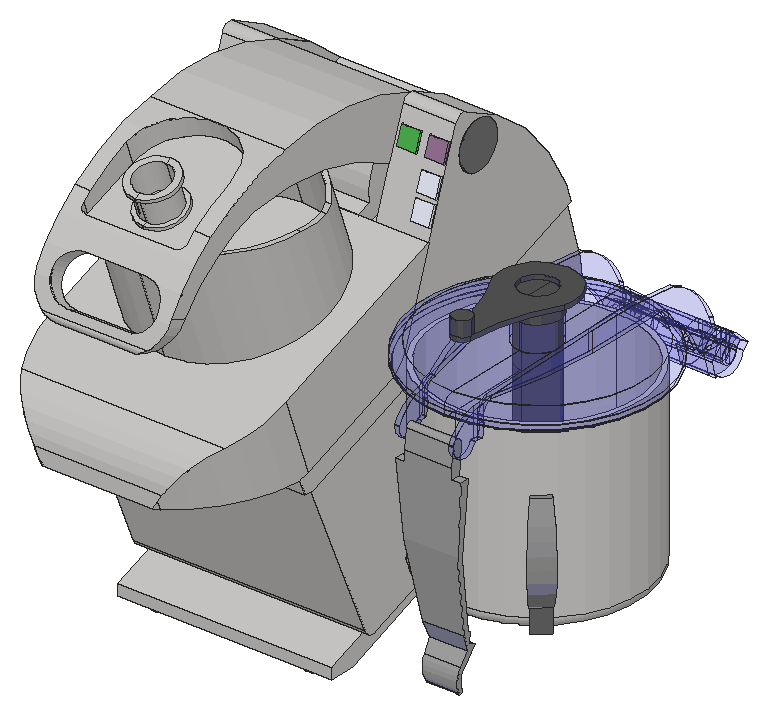
Revit family "QF_DITOSAMA_600433_DTRK45YG", category Specialty Equipment, Revit 2018
Family settings
  Round Connector Dimension = Use Diameter
  Part Type = Normal
  Work Plane-Based = No
  Always vertical = Yes
  Cut with Voids When Loaded = No
  Shared = No
  Room Calculation Point = No
Parameters (values of type "QF_DITO SAMA_600433_DTRK45YG")
  Weight = 27.40 kg
  Watts = 0 W
  Volts = 200 V
  URL Manufacturer = "http://www.ditosama.com"
  URL = "http://www.ditosama.com"
  Steam Supply Size = 0 mm
  Steam Supply Minimum Pressure = 0.0 Pa
  Steam Supply Maximum Pressure = 0.0 Pa
  Steam Pounds per Hour = 0
  Refrigeration Suction Line Size = 0 mm
  Refrigeration Liquid Line Size = 0 mm
  Refrigerant Compressor Remote = yes
  Manufacturer = "Dito Sama"
  Phase = 1
  Model = "DTRK45YG"
  Length Actual = 252 mm  # constant formula
  Item Number = "600433"
  Hot Water Size = 0 mm
  Height Actual = 505 mm  # constant formula
  HP = "1.3 HP"
  Gas Size = 0 mm
  Gas KW = 0
  Gas Input Pressure = 0 W
  Direct Waste Size = 0 mm
  Description = "CUTTER/SLICER 4.5L VARIAB.SPEED-1000W-200-240/1/50-60-UK"
  Depth Actual = 485 mm  # constant formula
  Cycle = 60 Hz
  Condensate Return Size = 0 mm
  Compressed Air Volume = 0.0 L/s
  Compressed Air Size = 0 mm
  Compressed Air Pressure = 0.0 Pa
  Cold Water Size = 0 mm
  Accessory = yes
Reference planes
  plane 1 "Center (Front/Back)": y = 0
  plane 2: z = 0
  plane 3 "Center (Left/Right)": x = 0
  plane 4 "BASE": through (-1506.947, -1354.442, -482.669) normal (0, -0.342, 0.9397)
  plane 5 "TOP": z = 725
  plane 6 "FRONT": y = -250
  plane 7 "BACK": y = 250
  plane 8 "LEFT": x = -126
  plane 9 "RIGHT": x = 126
  plane 10 "BaseSup": through (4267.2, -355.454, 143.983) normal (0, -0.342, 0.9397)
  plane 11 "TopCylinder": z = 505
  plane 12 "panel": through (4267.2, 37.396, 376.789) normal (0, -0.9397, 0.342)
  plane 13 "TAN1": through (4267.2, -242.8, 386.84) normal (0, -0.868, 0.4965)
  plane 14 "cx": x = -4.392
  plane 15: z = 490
  plane 16: z = 685
  plane 17 "EI_1": z = 320
  plane 18: z = 224
  plane 19 "SupportOblique": through (4267.2, 163.975, 96.815) normal (0, 0.809, 0.5878)
  plane 20 "CX2": x = 350
Forms (mm)
  Extrusion 1, solid, material "QF_Finishes_Stainless Steel"
    sketch origin (0, 71.755, 29.173) x (0, 0.939693, 0.34202) y (0, -0.34202, 0.939693)
      loop
        line (196.964, 40) -> (-146.726, 40) -> (-150.519, 29.578) -> (-124.204, 20) -> (196.964, 20) -> (196.964, 40)
    from -114.1 to 114.1
  Extrusion 2, solid, material "QF_Finishes_Stainless Steel"
    sketch origin (0, 71.755, 29.173) x (0, 0.939693, 0.34202) y (0, -0.34202, 0.939693)
      loop
        arc (-117.754, 231.836) -> (-115.679, 141.222) -> (-107.501, 50.953) r 1344.145
        arc (-107.501, 50.953) -> (-103.371, 43.13) -> (-95.098, 40) r 12.5
        line (-95.098, 40) -> (191.415, 40)
        arc (191.415, 40) -> (200.799, 44.052) -> (207.001, 52.177) r 20.212
        arc (207.001, 52.177) -> (236.663, 139.796) -> (245.906, 231.836) r 409.593
        line (245.906, 231.836) -> (-117.754, 231.836)
    from -123.6 to 123.2
  Extrusion 3, solid, material "QF_Finishes_Stainless Steel"
    sketch origin (0, 71.755, 29.173) x (0, 0.939693, 0.34202) y (0, -0.34202, 0.939693)
      loop
        line (-117.754, 231.836) -> (250, 231.836) -> (250, 254)
        arc (250, 254) -> (225.127, 344.7) -> (167.861, 419.303) r 244.524
        arc (167.861, 419.303) -> (160.498, 421.774) -> (153.587, 418.23) r 10
        line (153.587, 418.23) -> (25.432, 265.5)
        arc (25.432, 265.5) -> (14.376, 257.016) -> (0.77, 254) r 32.194
        line (0.77, 254) -> (-128.224, 254) -> (-128.224, 236.946) -> (-117.754, 231.836)
    from -125 to 125
  Extrusion 4, void
    sketch origin (0, 71.755, 29.173) x (0, 0.939693, 0.34202) y (0, -0.34202, 0.939693)
      loop
        line (146.605, 338.403) -> (228.145, 338.403)
        arc (228.145, 338.403) -> (202.221, 381.996) -> (167.861, 419.303) r 244.524
        arc (167.861, 419.303) -> (160.498, 421.774) -> (153.587, 418.23) r 10
        line (153.587, 418.23) -> (72.34, 321.403) -> (146.605, 321.403) -> (146.605, 338.403)
    from -76.755 to 68.071
  Extrusion 5, solid, material "QF_Finishes_Stainless Steel"
    sketch origin (0, 71.755, 29.173) x (0, 0.939693, 0.34202) y (0, -0.34202, 0.939693)
      loop
        line (86.605, 338.403) -> (69.605, 321.403) -> (146.605, 321.403) -> (146.605, 338.403) -> (138.179, 338.403) -> (138.179, 369.367)
        arc (138.179, 369.367) -> (147.784, 373.474) -> (158.149, 372.174) r 19.987
        arc (158.149, 372.174) -> (156.791, 382.001) -> (162.888, 389.826) r 12.748
        arc (162.888, 389.826) -> (123.302, 374.774) -> (101.605, 338.403) r 64.447
        line (101.605, 338.403) -> (86.605, 338.403)
    from -65 to 50
  Extrusion 6, solid, material "QF_Finishes_Stainless Steel"
    sketch origin (539, 71.755, 29.173) x (0, -0.939693, -0.34202) y (0, -0.34202, 0.939693)
      loop
        circle (-169.102, 378.696) r 12.748
    from 489 to 604
  Extrusion 7, solid, material "QF_Finishes_Rubber Black"
    sketch origin (0, 71.755, 29.173) x (0, 0.939693, 0.34202) y (0, -0.34202, 0.939693)
      loop
        circle (169.102, 378.696) r 25
    from 125 to 126.6
  Extrusion 8, solid, material "QF_Finishes_Green"
    sketch origin (-10, -113.728, -38.42) x (0, -0.34202, -0.939693) y (1, 0, 0)
      loop
        line (-529.862, 82.865) -> (-509.862, 82.865) -> (-509.862, 102.865) -> (-529.862, 102.865) -> (-529.862, 82.865)
    from 0 to 1.6
  Extrusion 9, solid, material "QF_Finishes_Red"
    sketch origin (20, -113.728, -38.42) x (0, -0.34202, -0.939693) y (1, 0, 0)
      loop
        line (-529.862, 82.865) -> (-509.862, 82.865) -> (-509.862, 102.865) -> (-529.862, 102.865) -> (-529.862, 82.865)
    from 0 to 1.6
  Extrusion 10, solid, material "QF_Finishes_White"
    sketch origin (19.976, -149.421, -75.636) x (0, -0.34202, -0.939693) y (1, 0, 0)
      loop
        line (-521.192, 82.865) -> (-501.192, 82.865) -> (-501.192, 102.865) -> (-521.192, 102.865) -> (-521.192, 82.865)
    from 0 to 1.6
  Extrusion 11, solid, material "QF_Finishes_Rubber Black"
    sketch origin (-20, -293.925, 99.376) x (0, -1, 0) y (1, 0, 0)
      loop
        circle (-230.144, 103.748) r 10
      loop
        circle (-230.144, -61.252) r 10
    from 9.274 to 3.787
  Extrusion 12, void
    sketch origin (-20.94, 306.731, 139.428) x (-1, 0, 0) y (0, -0.34202, 0.939693)
      loop
        circle (-20.94, 196.093) r 10
    from -1.916 to -26.433
  Extrusion 13, solid, material "QF_Finishes_Stainless Steel"
    sketch origin (-20.94, 306.678, 139.573) x (-1, 0, 0) y (0, -0.34202, 0.939693)
      loop
        circle (-20.94, 195.939) r 9.999
    from -8.514 to -26.433
  Extrusion 14, solid, material "QF_Finishes_Stainless Steel"
    sketch origin (0, -15.119, 267.855) x (0, -0.939693, -0.34202) y (1, 0, 0)
      loop
        line (-86.605, -125) -> (117.754, -125)
        arc (117.754, -125) -> (182.577, -108.838) -> (232.224, -64.135) r 138.076
        arc (232.224, -64.135) -> (246.337, -33.516) -> (250, 0) r 104.824
        arc (250, 0) -> (246.337, 33.516) -> (232.224, 64.135) r 104.824
        arc (232.224, 64.135) -> (182.577, 108.838) -> (117.754, 125) r 138.076
        line (117.754, 125) -> (-86.605, 125) -> (-86.605, -125)
    from 0 to 84.403
  Extrusion 15, void
    sketch origin (0, 71.755, 29.173) x (0, 0.939693, 0.34202) y (0, -0.34202, 0.939693)
      loop
        line (-183.149, 338.403) -> (-263.395, 338.403) -> (-263.395, 254) -> (-128.224, 254) -> (-235.716, 293.124) -> (-229.509, 307.133)
        arc (-229.509, 307.133) -> (-211.109, 329.855) -> (-183.149, 338.403) r 50
      loop
        line (86.605, 338.403) -> (25.432, 265.5)
        arc (25.432, 265.5) -> (14.376, 257.016) -> (0.77, 254) r 32.194
        line (0.77, 254) -> (86.605, 254) -> (86.605, 338.403)
    from -156.555 to 144.79
  Extrusion 16, solid, material "QF_Finishes_Rubber Black"
    sketch origin (-20, -255.757, 37.007) x (0, -0.939693, -0.34202) y (1, 0, 0)
      loop
        circle (-230.144, 103.748) r 10
      loop
        circle (-230.144, -61.252) r 10
    from -1.968 to 3.787
  Extrusion 17, solid, material "QF_Finishes_Stainless Steel"
    sketch origin (0, 0, 0) x (0, 1, 0) y (0, 0, 1)
      loop
        arc (-237.987, 360.286) -> (-193.334, 422.101) -> (-125.907, 457.716) r 167.502
        arc (-125.907, 457.716) -> (-32.614, 457.202) -> (54.785, 424.565) r 266.494
        line (54.785, 424.565) -> (73.036, 474.711)
        arc (73.036, 474.711) -> (77.269, 479.853) -> (83.792, 481.198) r 10
        arc (83.792, 481.198) -> (1.801, 503.572) -> (-83.051, 498.734) r 263.981
        arc (-83.051, 498.734) -> (-135.605, 484.534) -> (-183.511, 458.675) r 236.13
        arc (-183.511, 458.675) -> (-222.818, 420.732) -> (-248.457, 372.49) r 174.407
        arc (-248.457, 372.49) -> (-249.83, 368.135) -> (-247.05, 364.513) r 4.945
        line (-247.05, 364.513) -> (-237.987, 360.286)
    from -76.755 to 68.071
  Extrusion 18, void
    sketch origin (0, -252.846, 369.279) x (0, -0.496521, -0.868025) y (1, 0, 0)
      loop
        line (-13.723, -36.755) -> (-13.723, 28.071)
        arc (-13.723, 28.071) -> (-38.723, 53.071) -> (-63.723, 28.071) r 25
        line (-63.723, 28.071) -> (-63.723, -36.755)
        arc (-63.723, -36.755) -> (-38.723, -61.755) -> (-13.723, -36.755) r 25
    from -148.493 to 7.125
  Extrusion 19, void
    sketch origin (0, -88.076, 32.057) x (0, -0.34202, -0.939693) y (1, 0, 0)
      loop
        line (-257.162, 68.071) -> (-297.162, 68.071)
        arc (-297.162, 68.071) -> (-268.878, 56.356) -> (-257.162, 28.071) r 40
        line (-257.162, 28.071) -> (-257.162, 68.071)
      loop
        line (-257.162, -76.755) -> (-257.162, -36.755)
        arc (-257.162, -36.755) -> (-268.878, -65.039) -> (-297.162, -76.755) r 40
        line (-297.162, -76.755) -> (-257.162, -76.755)
    from 233.374 to 280.473
  Extrusion 20, void
    sketch origin (0, -73.76, 246.511) x (0, -0.939693, -0.34202) y (1, 0, 0)
      loop
        spline (50.415, 43.499) -> (50.302, 44.538) -> (50.07, 45.551) -> (49.722, 46.523) -> (49.265, 47.436) -> (48.705, 48.278) -> (48.053, 49.034) -> (47.317, 49.692) -> (46.511, 50.241) -> (45.647, 50.674) -> (44.738, 50.981) -> (43.801, 51.16) -> (42.848, 51.221)
        line (42.848, 51.221) -> (-21.826, 51.221)
        arc (-21.826, 51.221) -> (-77.476, -4.429) -> (-21.826, -60.078) r 55.65
        line (-21.826, -60.078) -> (42.849, -60.064)
        spline (42.849, -60.064) -> (43.796, -60.017) -> (44.73, -59.836) -> (45.637, -59.525) -> (46.5, -59.088) -> (47.306, -58.532) -> (48.042, -57.867) -> (48.695, -57.103) -> (49.256, -56.253) -> (49.715, -55.331) -> (50.065, -54.351) -> (50.3, -53.329) -> (50.415, -52.283)
        line (50.415, -52.283) -> (50.415, 43.499)
    from 219.928 to 259.975
  Extrusion 21, void
    sketch origin (0, -87.856, 241.381) x (0, -0.939693, -0.34202) y (1, 0, 0)
      loop
        circle (-4.976, -4.429) r 22.5
    from 184.171 to 259.975
  Extrusion 22, solid, material "QF_Finishes_Stainless Steel"
    sketch origin (0, -57.13, 252.564) x (0, -0.939693, -0.34202) y (1, 0, 0)
      loop
        circle (-27.476, -4.429) r 100
      loop
        circle (-27.476, -4.429) r 95
    from 84.403 to 219.928
  Extrusion 23, void
    sketch origin (539, 0, 0) x (0, -1, 0) y (0, 0, 1)
      loop
        line (-7.229, 448.453) -> (38.883, 431.669) -> (53.883, 431.669) -> (97.232, 435.738) -> (172.232, 435.738) -> (200.5, 434.424) -> (12.562, 502.828) -> (-7.229, 448.453)
    from 424.9 to 664
  Revolve 24, solid, material "QF_Finishes_Stainless Steel"
    sketch origin (-4.392, 0, 0) x (0, 1, 0) y (0, 0, 1)
      loop
        line (-159.523, 452.833) -> (-177.266, 446.376) -> (-188.766, 477.973) -> (-195.199, 475.631) -> (-193.959, 472.225) -> (-189.261, 473.935) -> (-179, 445.744) -> (-183.698, 444.034) -> (-182.575, 440.948) -> (-179.543, 442.052) -> (-133.191, 314.7) -> (-112.048, 322.396) -> (-159.523, 452.833)
      axis (-112.048, 322.396) -> (-171.023, 484.431)
    angle from 0 to 360
  Extrusion 25, solid, material "QF_Door-Drawer Clearances", detail levels coarse
    sketch origin (0, -262.072, 735.095) x (0, -0.581279, -0.813704) y (0, 0.813704, -0.581279)
      loop
        arc (-237.987, 360.286) -> (-193.334, 422.101) -> (-125.907, 457.716) r 167.502
        arc (-125.907, 457.716) -> (-61.925, 460.915) -> (0.971, 448.753) r 266.494
        arc (0.971, 448.753) -> (-2.208, 475.472) -> (-2.432, 502.379) r 244.524
        arc (-2.432, 502.379) -> (-31.549, 503.211) -> (-60.594, 500.999) r 278.64
        arc (-60.594, 500.999) -> (-125.023, 488.463) -> (-183.511, 458.675) r 236.13
        arc (-183.511, 458.675) -> (-222.818, 420.732) -> (-248.457, 372.49) r 174.407
        arc (-248.457, 372.49) -> (-249.83, 368.135) -> (-247.05, 364.513) r 4.945
        line (-247.05, 364.513) -> (-237.987, 360.286)
    from -76.755 to 68.071
  Extrusion 26, solid, material "QF_Door-Drawer Clearances", detail levels coarse
    sketch origin (-4.392, 0, -55) x (0, 1, 0) y (0, 0, 1)
      loop
        arc (180.062, 780.324) -> (-149.234, 694.151) -> (-249.905, 368.994) r 350.321
        line (-249.905, 368.994) -> (-246.546, 377.767)
        arc (-246.546, 377.767) -> (-144.345, 691.9) -> (174.993, 776.44) r 345.321
        line (174.993, 776.44) -> (180.062, 780.324)
    from -60 to 60
  Extrusion 27, solid, material "QF_Finishes_Rubber Black"
    sketch origin (-20, -20.834, 122.512) x (0, -0.939693, -0.34202) y (1, 0, 0)
      loop
        circle (-230.144, 103.748) r 10
      loop
        circle (-230.144, -61.252) r 10
    from -1.968 to 3.787
  Extrusion 28, void
    sketch origin (-4.392, 0, 0) x (0, 1, 0) y (0, 0, 1)
      loop
        circle (163.975, 96.815) r 5.399
    from -121.608 to 130.392
  Sweep 29, solid, material "QF_Finishes_Stainless Steel"
    path origin (0, 153.361, 111.423) x (0, -0.587785, 0.809017) y (1, 0, 0)
      loop
        line (-133.401, 56) -> (-133.401, 112.5)
        arc (-133.401, 112.5) -> (-130.472, 119.571) -> (-123.401, 122.5) r 10
        line (-123.401, 122.5) -> (-28.058, 122.5)
        arc (-28.058, 122.5) -> (-20.987, 119.571) -> (-18.058, 112.5) r 10
        line (-18.058, 112.5) -> (-18.058, -112.5)
        arc (-18.058, -112.5) -> (-20.987, -119.571) -> (-28.058, -122.5) r 10
        line (-28.058, -122.5) -> (-123.401, -122.5)
        arc (-123.401, -122.5) -> (-130.472, -119.571) -> (-133.401, -112.5) r 10
        line (-133.401, -112.5) -> (-133.401, -56)
    profile origin (84.25, 231.772, 3.5) x (0, 0.587785, -0.809017) y (0, 0.809017, 0.587785)
      loop
        circle (0, 0) r 3.5
  Extrusion 30, void
    sketch origin (-4.392, 0, 0) x (0, 1, 0) y (0, 0, 1)
      loop
        line (50.281, 42.641) -> (71.708, 50.44) -> (64.376, 57.771) -> (50.281, 52.641) -> (50.281, 42.641)
    from -119.208 to -51.608
  Extrusion 31, void
    sketch origin (4.392, 0, 0) x (0, 1, 0) y (0, 0, -1)
      loop
        line (50.281, -42.641) -> (50.281, -52.641) -> (64.376, -57.771) -> (71.708, -50.44) -> (50.281, -42.641)
    from -119.208 to -51.608
  Extrusion 32, solid, material "QF_Door-Drawer Clearances", detail levels coarse
    sketch origin (350, -160.4, -17.118) x (0, -0.34202, -0.939693) y (0, -0.939693, 0.34202)
      loop
        line (-206.754, 118.191) -> (-331.133, -223.538)
        arc (-331.133, -223.538) -> (-241.482, -246.331) -> (-149.003, -248.426) r 409.593
        arc (-149.003, -248.426) -> (-139.246, -245.378) -> (-132.229, -237.945) r 20.212
        line (-132.229, -237.945) -> (-34.236, 31.289)
        arc (-34.236, 31.289) -> (-34.347, 40.134) -> (-40.286, 46.691) r 12.5
        arc (-40.286, 46.691) -> (-122.314, 85.249) -> (-206.754, 118.191) r 1344.145
    from -123.6 to 123.2
  Extrusion 33, solid, material "QF_Door-Drawer Clearances", detail levels coarse
    sketch origin (350, -160.4, -17.118) x (0, -0.34202, -0.939693) y (0, -0.939693, 0.34202)
      loop
        line (-134.127, -243.16) -> (-115.333, -250) -> (-5.487, 51.799) -> (-5.487, 79.803) -> (-16.578, 79.803) -> (-134.127, -243.16)
    from -114.1 to 114.1
  Extrusion 34, solid, material "QF_Door-Drawer Clearances", detail levels coarse
    sketch origin (330, -388.076, 105.131) x (0, -1, 0) y (1, 0, 0)
      loop
        circle (-230.144, 103.748) r 10
      loop
        circle (-230.144, -61.252) r 10
    from -1.968 to 3.787
  Extrusion 35, solid, material "QF_Door-Drawer Clearances", detail levels coarse
    sketch origin (330, -138.076, 105.131) x (0, -1, 0) y (1, 0, 0)
      loop
        circle (-230.144, 103.748) r 10
      loop
        circle (-230.144, -61.252) r 10
    from -1.968 to 3.787
  Extrusion 36, solid, material "QF_Door-Drawer Clearances", detail levels coarse
    sketch origin (0, 250, 0) x (-1, 0, 0) y (0, 0, 1)
      loop
        circle (-350, 200) r 10
    from -89.12 to -78.665
  Extrusion 37, solid, material "QF_Finishes_White"
    sketch origin (19.976, -140.87, -52.143) x (0, -0.34202, -0.939693) y (1, 0, 0)
      loop
        line (-521.192, 82.865) -> (-501.192, 82.865) -> (-501.192, 102.865) -> (-521.192, 102.865) -> (-521.192, 82.865)
    from 0 to 1.6
Cuts and joins
  Extrusion 4, Extrusion 19, Extrusion 20, Extrusion 21 cuts Extrusion 3
  Extrusion 15, Extrusion 19, Extrusion 20, Extrusion 21 cuts Extrusion 14
  Extrusion 18, Extrusion 19, Extrusion 20, Extrusion 21 cuts Extrusion 17
  Extrusion 12, Extrusion 20, Extrusion 21 cuts Extrusion 2
  Extrusion 23 cuts Extrusion 22
  Extrusion 28, Extrusion 30, Extrusion 31 cuts Extrusion 1
Lines and regions (mm)
  symbolic lines
    curve 1: line (-76.755, 170.4, 0) -> (-76.755, -235.217, 0)
    curve 2: line (68.071, -235.135, 0) -> (68.071, 170.4, 0)
    curve 3: line (-76.755, 83.792, 0) -> (68.071, 83.792, 0)
    curve 4: line (-76.755, 170.4, 0) -> (68.071, 170.4, 0)
    curve 5: line (68.071, -83.051, 0) -> (-76.755, -83.051, 0)
    curve 6: line (-60.078, -136.967, 0) -> (51.221, -136.967, 0)
    curve 7: line (-60.078, -128.47, 0) -> (-60.078, -194.06, 0)
    curve 8: line (51.221, -193.76, 0) -> (51.221, -128.47, 0)
    curve 9: spline (-52.282, -199.891, 0) -> (-53.276, -199.815, 0) -> (-54.25, -199.647, 0) -> (-55.19, -199.39, 0) -> (-56.081, -199.046, 0) -> (-56.909, -198.622, 0) -> (-57.663, -198.124, 0) -> (-58.331, -197.559, 0) -> (-58.902, -196.936, 0) -> (-59.369, -196.264, 0) -> (-59.724, -195.553, 0) -> (-59.961, -194.815, 0) -> (-60.078, -194.06, 0)
    curve 10: line (43.499, -199.901, 0) -> (-52.283, -199.901, 0)
    curve 11: spline (51.218, -193.76, 0) -> (51.156, -194.554, 0) -> (50.964, -195.333, 0) -> (50.645, -196.085, 0) -> (50.204, -196.798, 0) -> (49.648, -197.459, 0) -> (48.986, -198.058, 0) -> (48.229, -198.586, 0) -> (47.39, -199.033, 0) -> (46.483, -199.392, 0) -> (45.521, -199.658, 0) -> (44.521, -199.826, 0) -> (43.499, -199.893, 0)
    curve 12: spline (-4.392, -146.848, 0) -> (-11.05, -147.672, 0) -> (-17.255, -150.087, 0) -> (-22.583, -153.929, 0) -> (-26.672, -158.936, 0) -> (-29.242, -164.766, 0) -> (-30.119, -171.023, 0) -> (-29.242, -177.28, 0) -> (-26.672, -183.111, 0) -> (-22.583, -188.118, 0) -> (-17.255, -191.96, 0) -> (-11.05, -194.375, 0) -> (-4.392, -195.199, 0)
    curve 13: spline (-4.392, -195.199, 0) -> (2.267, -194.375, 0) -> (8.472, -191.96, 0) -> (13.8, -188.118, 0) -> (17.888, -183.111, 0) -> (20.459, -177.28, 0) -> (21.335, -171.023, 0) -> (20.459, -164.766, 0) -> (17.888, -158.936, 0) -> (13.8, -153.929, 0) -> (8.472, -150.087, 0) -> (2.267, -147.672, 0) -> (-4.392, -146.848, 0)
    curve 14: spline (-4.392, -188.766, 0) -> (-9.279, -188.162, 0) -> (-13.832, -186.389, 0) -> (-17.743, -183.569, 0) -> (-20.744, -179.895, 0) -> (-22.63, -175.616, 0) -> (-23.273, -171.023, 0) -> (-22.63, -166.431, 0) -> (-20.744, -162.152, 0) -> (-17.743, -158.477, 0) -> (-13.832, -155.658, 0) -> (-9.279, -153.885, 0) -> (-4.392, -153.281, 0)
    curve 15: spline (-4.392, -153.281, 0) -> (0.495, -153.885, 0) -> (5.049, -155.658, 0) -> (8.96, -158.477, 0) -> (11.96, -162.152, 0) -> (13.846, -166.431, 0) -> (14.49, -171.023, 0) -> (13.846, -175.616, 0) -> (11.96, -179.895, 0) -> (8.96, -183.569, 0) -> (5.049, -186.389, 0) -> (0.495, -188.162, 0) -> (-4.392, -188.766, 0)
    curve 16: spline (-22.254, -165.273, 0) -> (-20.617, -168.597, 0) -> (-18.289, -171.534, 0) -> (-15.368, -173.96, 0) -> (-11.98, -175.77, 0) -> (-8.268, -176.888, 0) -> (-4.392, -177.266, 0) -> (-0.515, -176.888, 0) -> (3.197, -175.77, 0) -> (6.585, -173.96, 0) -> (9.505, -171.534, 0) -> (11.834, -168.597, 0) -> (13.471, -165.273, 0)
    curve 17: spline (21.106, -162.743, 0) -> (21.02, -155.749, 0) -> (18.807, -149.071, 0) -> (14.651, -143.268, 0) -> (8.902, -138.825, 0) -> (2.04, -136.115, 0) -> (-5.361, -135.365, 0) -> (-12.68, -136.637, 0) -> (-19.306, -139.824, 0) -> (-24.683, -144.661, 0) -> (-28.361, -150.742, 0) -> (-30.034, -157.558, 0) -> (-29.559, -164.538, 0)
    curve 18: spline (15.591, -154.349, 0) -> (13.851, -150.277, 0) -> (11.185, -146.674, 0) -> (7.729, -143.723, 0) -> (3.657, -141.574, 0) -> (-0.824, -140.337, 0) -> (-5.485, -140.073, 0) -> (-10.091, -140.797, 0) -> (-14.408, -142.471, 0) -> (-18.216, -145.011, 0) -> (-21.322, -148.287, 0) -> (-23.569, -152.134, 0) -> (-24.843, -156.356, 0)
    curve 19: line (-36.755, -245.358, 0) -> (-36.755, -220.255, 0)
    curve 20: line (28.071, -220.255, 0) -> (28.071, -245.358, 0)
    curve 21: line (-36.755, -220.255, 0) -> (28.071, -220.255, 0)
    curve 22: line (-36.755, -231.961, 0) -> (28.071, -231.961, 0)
    curve 23: line (28.071, -245.358, 0) -> (-36.755, -245.358, 0)
    curve 24: arc (-36.755, -231.961, 0) -> (-47.346, -230.66, 0) -> (-57.309, -226.836, 0) r 43.78
    curve 25: arc (28.071, -231.961, 0) -> (38.611, -230.648, 0) -> (48.525, -226.836, 0) r 43.78
    curve 26: line (108.532, -216.09, 0) -> (68.016, -248.959, 0)
    curve 27: spline (108.532, -216.09, 0) -> (111.117, -211.341, 0) -> (113.492, -206.496, 0) -> (115.654, -201.564, 0) -> (117.598, -196.552, 0) -> (119.32, -191.469, 0) -> (120.82, -186.324, 0) -> (122.092, -181.125, 0) -> (123.137, -175.882, 0) -> (123.951, -170.603, 0) -> (124.533, -165.296, 0) -> (124.883, -159.972, 0) -> (125, -154.639, 0)
    curve 28: line (125, -154.639, 0) -> (125, 227.385, 0)
    curve 29: spline (63.971, -249.433, 0) -> (63.542, -249.481, 0) -> (63.11, -249.529, 0) -> (62.674, -249.577, 0) -> (62.235, -249.624, 0) -> (61.792, -249.672, 0) -> (61.346, -249.719, 0) -> (60.896, -249.766, 0) -> (60.442, -249.813, 0) -> (59.985, -249.86, 0) -> (59.525, -249.907, 0) -> (59.06, -249.954, 0) -> (58.593, -250, 0)
    curve 30: spline (68.016, -248.959, 0) -> (67.688, -248.999, 0) -> (67.358, -249.038, 0) -> (67.026, -249.078, 0) -> (66.693, -249.118, 0) -> (66.359, -249.157, 0) -> (66.022, -249.197, 0) -> (65.684, -249.236, 0) -> (65.345, -249.276, 0) -> (65.004, -249.315, 0) -> (64.661, -249.354, 0) -> (64.317, -249.394, 0) -> (63.971, -249.433, 0)
    curve 31: line (-68.016, -248.959, 0) -> (68.016, -248.959, 0)
    curve 32: line (-68.016, -248.959, 0) -> (-108.532, -216.09, 0)
    curve 33: spline (-63.971, -249.433, 0) -> (-64.317, -249.394, 0) -> (-64.661, -249.354, 0) -> (-65.004, -249.315, 0) -> (-65.345, -249.276, 0) -> (-65.684, -249.236, 0) -> (-66.022, -249.197, 0) -> (-66.359, -249.157, 0) -> (-66.693, -249.118, 0) -> (-67.026, -249.078, 0) -> (-67.358, -249.038, 0) -> (-67.688, -248.999, 0) -> (-68.016, -248.959, 0)
    curve 34: spline (-58.593, -250, 0) -> (-59.06, -249.954, 0) -> (-59.525, -249.907, 0) -> (-59.985, -249.86, 0) -> (-60.442, -249.813, 0) -> (-60.896, -249.766, 0) -> (-61.346, -249.719, 0) -> (-61.792, -249.672, 0) -> (-62.235, -249.624, 0) -> (-62.674, -249.577, 0) -> (-63.11, -249.529, 0) -> (-63.542, -249.481, 0) -> (-63.971, -249.433, 0)
    curve 35: line (-76.755, -235.217, 0) -> (-60.604, -248.457, 0)
    curve 36: spline (-125, -154.639, 0) -> (-124.883, -159.972, 0) -> (-124.533, -165.296, 0) -> (-123.951, -170.603, 0) -> (-123.137, -175.882, 0) -> (-122.092, -181.125, 0) -> (-120.82, -186.324, 0) -> (-119.32, -191.469, 0) -> (-117.598, -196.552, 0) -> (-115.654, -201.564, 0) -> (-113.492, -206.496, 0) -> (-111.117, -211.341, 0) -> (-108.532, -216.09, 0)
    curve 37: line (-125, 227.385, 0) -> (-125, -154.639, 0)
    curve 38: arc (-76.755, -160.023, 0) -> (-93.256, -130.498, 0) -> (-99.37, -97.232, 0) r 103.622
    curve 39: arc (-76.755, -168.026, 0) -> (-96.901, -135.101, 0) -> (-104.377, -97.232, 0) r 109.55
    curve 40: spline (-99.395, -97.232, 0) -> (-99.428, -93.546, 0) -> (-99.341, -89.86, 0) -> (-99.135, -86.178, 0) -> (-98.81, -82.506, 0) -> (-98.367, -78.845, 0) -> (-97.806, -75.201, 0) -> (-97.127, -71.576, 0) -> (-96.331, -67.976, 0) -> (-95.419, -64.402, 0) -> (-94.392, -60.86, 0) -> (-93.251, -57.352, 0) -> (-91.998, -53.883, 0)
    curve 41: arc (-91.998, -53.883, 0) -> (-88.614, -46.234, 0) -> (-84.624, -38.883, 0) r 103.541
    curve 42: spline (-84.624, -38.883, 0) -> (-84.026, -38.009, 0) -> (-83.417, -37.142, 0) -> (-82.798, -36.282, 0) -> (-82.167, -35.428, 0) -> (-81.527, -34.582, 0) -> (-80.876, -33.742, 0) -> (-80.214, -32.91, 0) -> (-79.543, -32.085, 0) -> (-78.861, -31.267, 0) -> (-78.169, -30.457, 0) -> (-77.467, -29.655, 0) -> (-76.755, -28.86, 0)
    curve 43: spline (-90.488, -38.883, 0) -> (-89.506, -37.356, 0) -> (-88.492, -35.846, 0) -> (-87.448, -34.355, 0) -> (-86.375, -32.883, 0) -> (-85.271, -31.43, 0) -> (-84.139, -29.997, 0) -> (-82.978, -28.585, 0) -> (-81.788, -27.193, 0) -> (-80.571, -25.823, 0) -> (-79.326, -24.476, 0) -> (-78.054, -23.15, 0) -> (-76.755, -21.847, 0)
    curve 44: arc (-97.398, -53.883, 0) -> (-94.227, -46.252, 0) -> (-90.488, -38.883, 0) r 109.406
    curve 45: spline (-104.397, -97.232, 0) -> (-104.428, -93.553, 0) -> (-104.346, -89.875, 0) -> (-104.151, -86.201, 0) -> (-103.844, -82.535, 0) -> (-103.425, -78.879, 0) -> (-102.894, -75.238, 0) -> (-102.252, -71.615, 0) -> (-101.499, -68.013, 0) -> (-100.637, -64.435, 0) -> (-99.665, -60.886, 0) -> (-98.585, -57.367, 0) -> (-97.398, -53.883, 0)
    curve 46: spline (-104.429, -60.179, 0) -> (-104.227, -54.213, 0) -> (-103.623, -48.272, 0) -> (-102.618, -42.379, 0) -> (-101.218, -36.558, 0) -> (-99.427, -30.832, 0) -> (-97.253, -25.224, 0) -> (-94.704, -19.758, 0) -> (-91.791, -14.454, 0) -> (-88.526, -9.335, 0) -> (-84.922, -4.421, 0) -> (-80.993, 0.268, 0) -> (-76.755, 4.714, 0)
    curve 47: line (-104.429, -60.179, 0) -> (-104.429, -91.125, 0)
    curve 48: line (-125, 37.396, 0) -> (-76.755, 37.396, 0)
    curve 49: line (-125, 227.385, 0) -> (125, 227.385, 0)
    curve 50: line (-125, 219.805, 0) -> (125, 219.805, 0)
    curve 51: line (-65, 113.885, 0) -> (50, 113.885, 0)
    curve 52: line (50, 113.885, 0) -> (50, 83.792, 0)
    curve 53: line (-65, 113.885, 0) -> (-65, 83.792, 0)
    curve 54: line (-65, 91.491, 0) -> (50, 91.491, 0)
    curve 55: line (50, 93.777, 0) -> (68.071, 93.777, 0)
    curve 56: line (-65, 93.777, 0) -> (-76.755, 93.777, 0)
    curve 57: line (72.865, 67.495, 0) -> (92.865, 67.495, 0)
    curve 58: line (72.865, 59.152, 0) -> (72.865, 67.495, 0)
    curve 59: line (92.865, 59.152, 0) -> (72.865, 59.152, 0)
    curve 60: line (92.865, 67.495, 0) -> (92.865, 59.152, 0)
    curve 61: line (102.865, 67.495, 0) -> (122.865, 67.495, 0)
    curve 62: line (102.865, 59.152, 0) -> (102.865, 67.495, 0)
    curve 63: line (122.865, 59.152, 0) -> (102.865, 59.152, 0)
    curve 64: line (122.865, 67.495, 0) -> (122.865, 59.152, 0)
    curve 65: line (102.841, 48.394, 0) -> (122.841, 48.394, 0)
    curve 66: line (102.841, 40.05, 0) -> (102.841, 48.394, 0)
    curve 67: line (122.841, 40.05, 0) -> (102.841, 40.05, 0)
    curve 68: line (122.841, 48.394, 0) -> (122.841, 40.05, 0)
    curve 69: line (92.865, 65.992, 0) -> (72.865, 65.992, 0)
    curve 70: line (122.865, 65.992, 0) -> (102.865, 65.992, 0)
    curve 71: line (122.841, 46.891, 0) -> (102.841, 46.891, 0)
    curve 72: line (-123.6, 250, 0) -> (123.2, 250, 0)
    curve 73: line (123.2, 227.385, 0) -> (123.2, 250, 0)
    curve 74: line (-123.6, 227.385, 0) -> (-123.6, 250, 0)
    curve 75: line (68.071, 37.396, 0) -> (125, 37.396, 0)
    curve 76: line (68.071, -235.135, 0) -> (51.82, -248.457, 0)
    curve 77: arc (68.071, -159.898, 0) -> (84.5, -130.423, 0) -> (90.587, -97.232, 0) r 103.622
    curve 78: arc (68.071, -167.913, 0) -> (88.145, -135.031, 0) -> (95.593, -97.232, 0) r 109.55
    curve 79: spline (90.612, -97.232, 0) -> (90.644, -93.546, 0) -> (90.558, -89.86, 0) -> (90.352, -86.178, 0) -> (90.027, -82.506, 0) -> (89.584, -78.845, 0) -> (89.022, -75.201, 0) -> (88.343, -71.576, 0) -> (87.547, -67.976, 0) -> (86.636, -64.402, 0) -> (85.609, -60.86, 0) -> (84.468, -57.352, 0) -> (83.214, -53.883, 0)
    curve 80: arc (83.214, -53.883, 0) -> (79.831, -46.234, 0) -> (75.841, -38.883, 0) r 103.541
    curve 81: spline (75.841, -38.883, 0) -> (75.25, -38.019, 0) -> (74.648, -37.162, 0) -> (74.036, -36.312, 0) -> (73.414, -35.468, 0) -> (72.781, -34.631, 0) -> (72.138, -33.801, 0) -> (71.485, -32.977, 0) -> (70.822, -32.161, 0) -> (70.149, -31.353, 0) -> (69.466, -30.551, 0) -> (68.774, -29.757, 0) -> (68.071, -28.97, 0)
    curve 82: spline (81.705, -38.883, 0) -> (80.729, -37.365, 0) -> (79.722, -35.865, 0) -> (78.685, -34.383, 0) -> (77.619, -32.92, 0) -> (76.523, -31.476, 0) -> (75.399, -30.051, 0) -> (74.246, -28.647, 0) -> (73.066, -27.263, 0) -> (71.857, -25.901, 0) -> (70.622, -24.56, 0) -> (69.36, -23.242, 0) -> (68.071, -21.946, 0)
    curve 83: arc (88.615, -53.883, 0) -> (85.443, -46.252, 0) -> (81.705, -38.883, 0) r 109.406
    curve 84: spline (95.614, -97.232, 0) -> (95.644, -93.553, 0) -> (95.562, -89.875, 0) -> (95.368, -86.201, 0) -> (95.061, -82.535, 0) -> (94.641, -78.879, 0) -> (94.111, -75.238, 0) -> (93.469, -71.615, 0) -> (92.716, -68.013, 0) -> (91.853, -64.435, 0) -> (90.882, -60.886, 0) -> (89.802, -57.367, 0) -> (88.615, -53.883, 0)
    curve 85: spline (95.645, -60.179, 0) -> (95.444, -54.225, 0) -> (94.842, -48.295, 0) -> (93.842, -42.413, 0) -> (92.446, -36.602, 0) -> (90.662, -30.886, 0) -> (88.496, -25.287, 0) -> (85.957, -19.829, 0) -> (83.055, -14.533, 0) -> (79.802, -9.421, 0) -> (76.21, -4.512, 0) -> (72.295, 0.173, 0) -> (68.071, 4.615, 0)
    curve 86: line (95.645, -60.179, 0) -> (95.645, -91.125, 0)
    curve 87: line (102.841, 56.945, 0) -> (122.841, 56.945, 0)
    curve 88: line (122.841, 55.441, 0) -> (102.841, 55.441, 0)
    curve 89: line (102.841, 56.945, 0) -> (102.841, 48.394, 0)
    curve 90: line (102.841, 48.601, 0) -> (122.841, 48.601, 0)
    curve 91: line (122.841, 48.601, 0) -> (122.841, 56.945, 0)
Dimensions and locks
  plane 5 "TOP" to level = 725 mm  (x2)
  plane 8 "LEFT" to plane 3 "Center (Left/Right)" to plane 9 "RIGHT" = 126 mm, 126 mm
  plane 7 "BACK" to plane 1 "Center (Front/Back)" to plane 6 "FRONT" = 250 mm, 250 mm
  plane 5 "TOP" to plane 2 = 725 mm
  plane 5 "TOP" to plane 11 "TopCylinder" = 220 mm
  plane 6 "FRONT" to plane 7 "BACK" = 500 mm
  plane 7 "BACK" to plane 6 "FRONT" = 500 mm
  plane 11 "TopCylinder" to level = 505 mm  (x2)
  plane 15 to level = 490 mm  (x2)
  plane 16 to level = 685 mm
  plane 17 "EI_1" to level = 320 mm
  plane 18 to level = 224 mm
  plane 16 to plane 2 = 685 mm
  plane 9 "RIGHT" to plane 8 "LEFT" = 252 mm
  aligned and locked: level to plane 2
Nested families
  nested 1: "600428_BOWL" at (360, -39.665, -20.592), type "600428_BOWL"
Connectors
  electrical at (0, 231.662, 320.783), driven by "Volts"
    settings: on Extrusion 13, index 1, voltage 200 V, apparent load 0 VA, apparent load phase1 0 VA, apparent load phase2 0 VA, apparent load phase3 0 VA, power factor 1, load classification "Other", number of poles 1, system type 30, power factor state 1, is connector primary yes, connector utility no, sub classification motor no, connector description "Electrical Connection"
Definition of nested family "600428_BOWL"
  Reference planes
    plane 1 "Center (Front/Back)": y = 0
    plane 2: z = 0
    plane 3 "Center (Left/Right)": x = 0
    plane 4 "TOP": z = 705.4
    plane 5 "FRONT": y = -211
    plane 6 "BACK": y = 211
    plane 7 "LEFT": x = -128
    plane 8 "RIGHT": x = 128
    plane 9 "CenterX": x = -10
    plane 10 "Maniglia": through (-10, -59.177, 4000) normal (0.766, 0.6428, 0)
    plane 11 "Panel": through (4267.2, 107.252, 388.448) normal (0, 0.766, -0.6428)
    plane 12: z = 510
  Forms (mm)
    Revolve 1, solid
      sketch origin (-10, 0, 0) x (0, -1, 0) y (0, 0, 1)
        loop
          line (59.177, 490.527) -> (28.516, 490.527) -> (35.424, 483.619) -> (35.424, 470.527) -> (38.194, 470.527) -> (38.194, 356.104) -> (59.177, 356.104) -> (59.177, 490.527)
        axis (59.177, 356.104) -> (59.177, 490.527)
      angle from 0 to 360
    Extrusion 2, solid
      sketch origin (0, 0, 0) x (1, 0, 0) y (0, 1, 0)
        loop
          arc (-48.167, -71.147) -> (-28.951, -114.517) -> (-19.956, -161.093) r 210.055
          arc (-19.956, -161.093) -> (-10, -170.155) -> (-0.044, -161.093) r 10
          arc (-0.044, -161.093) -> (8.951, -114.517) -> (28.167, -71.147) r 210.055
          arc (28.167, -71.147) -> (-10, -19.177) -> (-48.167, -71.147) r 40
      from 490.527 to 495.013
    Extrusion 3, solid
      sketch origin (0, 0, 0) x (1, 0, 0) y (0, 1, 0)
        loop
          circle (-10, -160.155) r 10
      from 495.013 to 510.592
    Extrusion 4, void
      sketch origin (0, 0, 0) x (1, 0, 0) y (0, 1, 0)
        loop
          circle (-10, -59.177) r 19
      from 467.615 to 512.796
    Extrusion 5, void
      sketch origin (-20, 0, 0) x (-1, 0, 0) y (0, -1, 0)
        loop
          line (16.15, 177.864) -> (16.15, -123.86) -> (35.771, -123.86) -> (35.771, 48.192)
          arc (35.771, 48.192) -> (30.047, 105.502) -> (17.781, 161.776) r 500.876
          line (17.781, 161.776) -> (17.781, 171.776) -> (16.15, 177.864)
        loop
          line (40.771, -123.86) -> (45.852, -123.86) -> (45.852, 210.681) -> (21.15, 210.681) -> (21.15, 178.522) -> (22.781, 172.434) -> (22.781, 162.459)
          arc (22.781, 162.459) -> (35.047, 105.893) -> (40.771, 48.297) r 505.876
          line (40.771, 48.297) -> (40.771, -123.86)
      from 381.652 to 477.521
    Extrusion 6, solid
      sketch origin (-20, 0, 0) x (0, 1, 0) y (0, 0, -1)
        loop
          line (-173.064, -409.647) -> (-181.147, -409.647)
          arc (-181.147, -409.647) -> (-199.354, -399.982) -> (-210.844, -417.096) r 15.391
          arc (-210.844, -417.096) -> (-202.04, -429.372) -> (-189.058, -437.099) r 36.946
          arc (-189.058, -437.099) -> (-65.868, -463.241) -> (59.99, -458.888) r 518.061
          arc (59.99, -458.888) -> (92.246, -438.11) -> (113.023, -405.855) r 90.696
          arc (113.023, -405.855) -> (114.903, -399.662) -> (115.972, -393.28) r 50.278
          arc (115.972, -393.28) -> (121.968, -392.806) -> (127.203, -389.844) r 13.902
          arc (127.203, -389.844) -> (135.322, -382.188) -> (143.082, -374.167) r 242.898
          line (143.082, -374.167) -> (137.378, -368.464)
          arc (137.378, -368.464) -> (123.613, -353.84) -> (104.088, -358.543) r 20
          line (104.088, -358.543) -> (99.34, -358.543)
          arc (99.34, -358.543) -> (88.098, -393.587) -> (65.823, -422.884) r 108.872
          line (65.823, -422.884) -> (50.823, -422.884)
          arc (50.823, -422.884) -> (52.796, -423.701) -> (53.614, -425.674) r 2.79
          line (53.614, -425.674) -> (53.614, -430.892)
          arc (53.614, -430.892) -> (50.154, -439.244) -> (41.802, -442.703) r 11.812
          line (41.802, -442.703) -> (-160.307, -442.703)
          arc (-160.307, -442.703) -> (-168.659, -439.244) -> (-172.119, -430.892) r 11.812
          line (-172.119, -430.892) -> (-172.119, -425.826)
          arc (-172.119, -425.826) -> (-171.728, -424.361) -> (-170.659, -423.285) r 2.942
          line (-170.659, -423.285) -> (-173.064, -409.647)
        loop
          circle (117.901, -373.007) r 9.416
      from 16.15 to 45.852
    Extrusion 7, solid
      sketch origin (0, 0, 0) x (0, 1, 0) y (0, 0, 1)
        loop
          line (137.378, 368.464) -> (143.082, 374.167)
          arc (143.082, 374.167) -> (135.322, 382.188) -> (127.203, 389.844) r 242.898
          arc (127.203, 389.844) -> (116.931, 393.38) -> (107.252, 388.448) r 13.902
          line (107.252, 388.448) -> (95.766, 374.76)
          arc (95.766, 374.76) -> (97.862, 366.72) -> (99.34, 358.543) r 108.872
          line (99.34, 358.543) -> (104.088, 358.543)
          arc (104.088, 358.543) -> (123.613, 353.84) -> (137.378, 368.464) r 20
        loop
          circle (117.901, 373.007) r 9.416
      from -71.073 to 53.607
    Extrusion 8, solid
      sketch origin (0, 0, 0) x (0, 1, 0) y (0, 0, 1)
        loop
          arc (-182.273, 168.111) -> (-185.377, 178.111) -> (-182.273, 188.111) r 17.658
          line (-182.273, 188.111) -> (-169.592, 207.294) -> (-177.764, 211.104) -> (-177.764, 222.201) -> (-180.378, 224.815)
          arc (-180.378, 224.815) -> (-195.887, 307.452) -> (-195.295, 391.529) r 437.299
          line (-195.295, 391.529) -> (-193.232, 411.422)
          arc (-193.232, 411.422) -> (-197.69, 416.911) -> (-203.179, 412.454) r 5
          line (-203.179, 412.454) -> (-205.242, 392.56)
          arc (-205.242, 392.56) -> (-202.268, 306.332) -> (-185.461, 221.705) r 534.528
          line (-185.461, 221.705) -> (-177.764, 203.503) -> (-186.394, 190.943)
          arc (-186.394, 190.943) -> (-190.377, 178.111) -> (-186.394, 165.28) r 22.658
          arc (-186.394, 165.28) -> (-182.917, 164.635) -> (-182.273, 168.111) r 2.5
      from -49.646 to 27.326
    Extrusion 9, void
      sketch origin (0, -211, 0) x (-1, 0, 0) y (0, 0, 1)
        loop
          line (-15.15, 416.938) -> (-47.326, 416.938) -> (-47.326, 161.938) -> (-6.963, 161.938) -> (-24.508, 381.652) -> (-15.15, 381.652) -> (-15.15, 416.938)
        loop
          line (26.963, 161.938) -> (77.918, 161.938) -> (77.918, 416.938) -> (35.15, 416.938) -> (35.15, 381.652) -> (44.508, 381.652) -> (26.963, 161.938)
      from 46.08 to -69.339
    Extrusion 10, solid
      sketch origin (0, 0, 0) x (0, 1, 0) y (0, 0, 1)
        loop
          line (-173.064, 409.647) -> (-170.659, 423.285)
          arc (-170.659, 423.285) -> (-171.728, 424.361) -> (-172.119, 425.826) r 2.942
          line (-172.119, 425.826) -> (-172.119, 430.892)
          arc (-172.119, 430.892) -> (-168.659, 439.244) -> (-160.307, 442.703) r 11.812
          line (-160.307, 442.703) -> (41.802, 442.703)
          arc (41.802, 442.703) -> (50.154, 439.244) -> (53.614, 430.892) r 11.812
          line (53.614, 430.892) -> (53.614, 425.674)
          arc (53.614, 425.674) -> (52.796, 423.701) -> (50.823, 422.884) r 2.79
          line (50.823, 422.884) -> (65.823, 422.884)
          arc (65.823, 422.884) -> (88.098, 393.587) -> (99.34, 358.543) r 108.872
          line (99.34, 358.543) -> (104.088, 358.543)
          arc (104.088, 358.543) -> (123.613, 353.84) -> (137.378, 368.464) r 20
          line (137.378, 368.464) -> (143.082, 374.167)
          arc (143.082, 374.167) -> (135.322, 382.188) -> (127.203, 389.844) r 242.898
          arc (127.203, 389.844) -> (121.968, 392.806) -> (115.972, 393.28) r 13.902
          arc (115.972, 393.28) -> (114.903, 399.662) -> (113.023, 405.855) r 50.278
          arc (113.023, 405.855) -> (92.246, 438.11) -> (59.99, 458.888) r 90.696
          arc (59.99, 458.888) -> (-65.868, 463.241) -> (-189.058, 437.099) r 518.061
          arc (-189.058, 437.099) -> (-202.04, 429.372) -> (-210.844, 417.096) r 36.946
          arc (-210.844, 417.096) -> (-199.354, 399.982) -> (-181.147, 409.647) r 15.391
          line (-181.147, 409.647) -> (-173.064, 409.647)
        loop
          circle (117.901, 373.007) r 9.416
      from 16.15 to 45.852
    Extrusion 11, void
      sketch origin (0, 0, 0) x (1, 0, 0) y (0, 1, 0)
        loop
          line (16.15, -177.864) -> (17.781, -171.776) -> (17.781, -161.776)
          arc (17.781, -161.776) -> (30.047, -105.502) -> (35.771, -48.192) r 500.876
          line (35.771, -48.192) -> (35.771, 123.86) -> (16.15, 123.86) -> (16.15, -177.864)
        loop
          line (40.771, 123.86) -> (40.771, -48.297)
          arc (40.771, -48.297) -> (35.047, -105.893) -> (22.781, -162.459) r 505.876
          line (22.781, -162.459) -> (22.781, -172.434) -> (21.15, -178.522) -> (21.15, -210.681) -> (45.852, -210.681) -> (45.852, 123.86) -> (40.771, 123.86)
      from 381.652 to 477.521
    Revolve 12, solid
      sketch origin (-10, 0, 0) x (0, -1, 0) y (0, 0, 1)
        loop
          line (38.194, 422.884) -> (38.194, 470.527) -> (35.424, 470.527) -> (35.424, 442.703) -> (-53.802, 442.703)
          arc (-53.802, 442.703) -> (-62.213, 439.268) -> (-65.732, 430.892) r 11.871
          line (-65.732, 430.892) -> (-65.732, 425.793)
          arc (-65.732, 425.793) -> (-64.88, 423.736) -> (-62.823, 422.884) r 2.909
          line (-62.823, 422.884) -> (38.194, 422.884)
        axis (59.177, 422.884) -> (59.177, 470.527)
      angle from 0 to 360
    Revolve 13, solid
      sketch origin (-10, 0, 0) x (0, -1, 0) y (0, 0, 1)
        loop
          line (169.177, 422.884) -> (164.177, 422.884) -> (164.177, 237.884)
          arc (164.177, 237.884) -> (162.191, 233.09) -> (157.397, 231.104) r 6.78
          line (157.397, 231.104) -> (84.177, 231.104) -> (84.177, 356.104) -> (79.177, 356.104) -> (79.177, 226.104) -> (157.397, 226.104)
          arc (157.397, 226.104) -> (165.726, 229.554) -> (169.177, 237.884) r 11.78
          line (169.177, 237.884) -> (169.177, 422.884)
        axis (59.177, 422.884) -> (59.177, 226.104)
      angle from 0 to 360
    Extrusion 14, solid
      sketch origin (-49.423, -13.925, 0) x (0.634002, 0.773331, 0) y (-0.773331, 0.634002, 0)
        loop
          line (-55.497, -222.333) -> (-26.468, -227.794) -> (-20.635, -161.119)
          arc (-20.635, -161.119) -> (-28.727, -159.898) -> (-36.729, -158.185) r 133.529
          line (-36.729, -158.185) -> (-55.497, -222.333)
      from 226.104 to 356.104
    Revolve 15, void
      sketch origin (-35.007, -29.374, 0) x (-0.642788, 0.766044, 0) y (0, 0, 1)
        loop
          arc (-155.215, 337.579) -> (-171.344, 302.579) -> (-155.215, 267.579) r 46.04
          line (-155.215, 267.579) -> (-147.754, 267.579) -> (-147.754, 337.579) -> (-155.215, 337.579)
        loop
          line (-155.215, 356.104) -> (-147.754, 356.104) -> (-147.754, 361.761) -> (-215.215, 361.761) -> (-215.215, 226.104) -> (-147.754, 226.104) -> (-147.754, 256.485) -> (-163.93, 256.485)
          arc (-163.93, 256.485) -> (-184.453, 308.471) -> (-155.215, 356.104) r 62.537
        axis (10, 361.761) -> (10, 226.104)
      angle from -8.217 to 8.652
    Extrusion 16, solid
      sketch origin (0, 0, 0) x (1, 0, 0) y (0, 1, 0)
        loop
          arc (57.446, -154.071) -> (64.931, -148.135) -> (72.061, -141.775) r 165.215
          line (72.061, -141.775) -> (66.401, -136.116)
          arc (66.401, -136.116) -> (59.824, -141.977) -> (52.928, -147.46) r 157.215
          line (52.928, -147.46) -> (57.446, -154.071)
      from 226.104 to 256.485
    Revolve 17, solid, detail levels coarse
      sketch origin (-10, -235.136, 499.949) x (0, 0, 1) y (0, 1, 0)
        loop
          line (59.177, 490.527) -> (28.516, 490.527) -> (35.424, 483.619) -> (35.424, 470.527) -> (38.194, 470.527) -> (38.194, 442.703) -> (59.177, 442.703) -> (59.177, 490.527)
        axis (59.177, 442.703) -> (59.177, 490.527)
      angle from 0 to 360
    Extrusion 18, solid, detail levels coarse
      sketch origin (0, -235.136, 499.949) x (1, 0, 0) y (0, 0, -1)
        loop
          arc (-48.167, -71.147) -> (-28.951, -114.517) -> (-19.956, -161.093) r 210.055
          arc (-19.956, -161.093) -> (-10, -170.155) -> (-0.044, -161.093) r 10
          arc (-0.044, -161.093) -> (8.951, -114.517) -> (28.167, -71.147) r 210.055
          arc (28.167, -71.147) -> (-10, -19.177) -> (-48.167, -71.147) r 40
      from 490.527 to 495.013
    Extrusion 19, solid, detail levels coarse
      sketch origin (0, -235.136, 499.949) x (1, 0, 0) y (0, 0, -1)
        loop
          circle (-10, -160.155) r 10
      from 495.013 to 510.592
    Extrusion 20, void
      sketch origin (-20, -221.856, 479.359) x (-1, 0, 0) y (0, 0, 1)
        loop
          line (16.15, 177.864) -> (16.15, -123.86) -> (35.771, -123.86) -> (35.771, 48.192)
          arc (35.771, 48.192) -> (30.047, 105.502) -> (17.781, 161.776) r 500.876
          line (17.781, 161.776) -> (17.781, 171.776) -> (16.15, 177.864)
        loop
          line (40.771, -123.86) -> (45.852, -123.86) -> (45.852, 217.003) -> (21.15, 217.003) -> (21.15, 178.522) -> (22.781, 172.434) -> (22.781, 162.459)
          arc (22.781, 162.459) -> (35.047, 105.893) -> (40.771, 48.297) r 505.876
          line (40.771, 48.297) -> (40.771, -123.86)
      from 350.345 to 477.521
    Extrusion 21, solid, detail levels coarse
      sketch origin (-20, -235.136, 499.949) x (0, 0, -1) y (0, -1, 0)
        loop
          line (-173.064, -409.647) -> (-181.303, -409.647)
          arc (-181.303, -409.647) -> (-196.341, -401.818) -> (-205.451, -416.117) r 12.548
          arc (-205.451, -416.117) -> (-199.87, -428.651) -> (-189.058, -437.099) r 28.357
          arc (-189.058, -437.099) -> (-65.868, -463.241) -> (59.99, -458.888) r 518.061
          arc (59.99, -458.888) -> (92.246, -438.11) -> (113.023, -405.855) r 90.696
          arc (113.023, -405.855) -> (114.903, -399.662) -> (115.972, -393.28) r 50.278
          arc (115.972, -393.28) -> (121.968, -392.806) -> (127.203, -389.844) r 13.902
          arc (127.203, -389.844) -> (130.645, -386.684) -> (134.025, -383.459) r 242.898
          arc (134.025, -383.459) -> (118.878, -371.582) -> (104.72, -358.543) r 242.898
          line (104.72, -358.543) -> (99.34, -358.543)
          arc (99.34, -358.543) -> (88.098, -393.587) -> (65.823, -422.884) r 108.872
          line (65.823, -422.884) -> (50.823, -422.884)
          arc (50.823, -422.884) -> (52.796, -423.701) -> (53.614, -425.674) r 2.79
          line (53.614, -425.674) -> (53.614, -430.892)
          arc (53.614, -430.892) -> (50.154, -439.244) -> (41.802, -442.703) r 11.812
          line (41.802, -442.703) -> (-160.307, -442.703)
          arc (-160.307, -442.703) -> (-168.659, -439.244) -> (-172.119, -430.892) r 11.812
          line (-172.119, -430.892) -> (-172.119, -425.826)
          arc (-172.119, -425.826) -> (-171.728, -424.361) -> (-170.659, -423.285) r 2.942
          line (-170.659, -423.285) -> (-173.064, -409.647)
      from 16.15 to 45.852
    Extrusion 22, void
      sketch origin (0, -221.856, 479.359) x (1, 0, 0) y (0, 0, -1)
        loop
          line (16.15, -177.864) -> (17.781, -171.776) -> (17.781, -161.776)
          arc (17.781, -161.776) -> (30.047, -105.502) -> (35.771, -48.192) r 500.876
          line (35.771, -48.192) -> (35.771, 123.86) -> (16.15, 123.86) -> (16.15, -177.864)
        loop
          line (40.771, 123.86) -> (40.771, -48.297)
          arc (40.771, -48.297) -> (35.047, -105.893) -> (22.781, -162.459) r 505.876
          line (22.781, -162.459) -> (22.781, -172.434) -> (21.15, -178.522) -> (21.15, -217.003) -> (45.852, -217.003) -> (45.852, 123.86) -> (40.771, 123.86)
      from 350.345 to 477.521
    Extrusion 23, solid, detail levels coarse
      sketch origin (0, -235.136, 499.949) x (0, 0, -1) y (0, 1, 0)
        loop
          line (-173.064, 409.647) -> (-170.659, 423.285)
          arc (-170.659, 423.285) -> (-171.728, 424.361) -> (-172.119, 425.826) r 2.942
          line (-172.119, 425.826) -> (-172.119, 430.892)
          arc (-172.119, 430.892) -> (-168.659, 439.244) -> (-160.307, 442.703) r 11.812
          line (-160.307, 442.703) -> (41.802, 442.703)
          arc (41.802, 442.703) -> (50.154, 439.244) -> (53.614, 430.892) r 11.812
          line (53.614, 430.892) -> (53.614, 425.674)
          arc (53.614, 425.674) -> (52.796, 423.701) -> (50.823, 422.884) r 2.79
          line (50.823, 422.884) -> (65.823, 422.884)
          arc (65.823, 422.884) -> (88.098, 393.587) -> (99.34, 358.543) r 108.872
          line (99.34, 358.543) -> (104.72, 358.543)
          arc (104.72, 358.543) -> (118.878, 371.582) -> (134.025, 383.459) r 242.898
          arc (134.025, 383.459) -> (130.645, 386.684) -> (127.203, 389.844) r 242.898
          arc (127.203, 389.844) -> (121.968, 392.806) -> (115.972, 393.28) r 13.902
          arc (115.972, 393.28) -> (114.903, 399.662) -> (113.023, 405.855) r 50.278
          arc (113.023, 405.855) -> (92.246, 438.11) -> (59.99, 458.888) r 90.696
          arc (59.99, 458.888) -> (-65.868, 463.241) -> (-189.058, 437.099) r 518.061
          arc (-189.058, 437.099) -> (-199.87, 428.651) -> (-205.451, 416.117) r 28.357
          arc (-205.451, 416.117) -> (-196.341, 401.818) -> (-181.303, 409.647) r 12.548
          line (-181.303, 409.647) -> (-173.064, 409.647)
      from 16.15 to 45.852
    Revolve 24, solid, detail levels coarse
      sketch origin (-10, -235.136, 499.949) x (0, 0, 1) y (0, 1, 0)
        loop
          line (38.194, 422.884) -> (38.194, 470.527) -> (35.424, 470.527) -> (35.424, 442.703) -> (-53.802, 442.703)
          arc (-53.802, 442.703) -> (-62.213, 439.268) -> (-65.732, 430.892) r 11.871
          line (-65.732, 430.892) -> (-65.732, 425.793)
          arc (-65.732, 425.793) -> (-64.88, 423.736) -> (-62.823, 422.884) r 2.909
          line (-62.823, 422.884) -> (38.194, 422.884)
        axis (59.177, 422.884) -> (59.177, 470.527)
      angle from 0 to 360
    Extrusion 25, void
      sketch origin (0, 0, 0) x (0, 1, 0) y (0, 0, 1)
        loop
          line (-210.681, 417.459) -> (-211.654, 417.459) -> (-211.654, 411.793) -> (-210.681, 411.793) -> (-210.681, 417.459)
      from -41.15 to -65.852
    Extrusion 26, void
      sketch origin (0, 0, 0) x (0, 1, 0) y (0, 0, 1)
        loop
          line (-210.681, 417.459) -> (-211.654, 417.459) -> (-211.654, 411.793) -> (-210.681, 411.793) -> (-210.681, 417.459)
      from 21.15 to 45.852
  Cuts and joins
    Extrusion 4 cuts Extrusion 2
    Extrusion 5, Extrusion 11, Extrusion 20, Extrusion 22, Extrusion 25 cuts Extrusion 6
    Extrusion 9, Extrusion 11, Extrusion 20 cuts Extrusion 8
    Extrusion 11, Extrusion 20, Extrusion 22 cuts Extrusion 7
    Extrusion 11, Extrusion 26 cuts Extrusion 10
    Revolve 15 cuts Extrusion 14
    Extrusion 20 cuts Revolve 12
    Extrusion 20 cuts Revolve 13
    Extrusion 20, Extrusion 22 cuts Extrusion 21
    Extrusion 22 cuts Extrusion 23
  Lines and regions (mm)
    symbolic lines
      curve 1: arc (-10, -172.155, 0) -> (3.999, -171.284, 0) -> (17.781, -168.686, 0) r 112.979
      curve 2: arc (-10, -184.085, 0) -> (-23.148, -183.391, 0) -> (-36.15, -181.317, 0) r 124.909
      curve 3: line (128, -157.764, 0) -> (128, 191, 0)
      curve 4: line (124.8, 106.204, 0) -> (59.066, 106.204, 0)
      curve 5: line (102.599, 90.494, 0) -> (117.599, 90.494, 0)
      curve 6: line (117.599, 87.22, 0) -> (102.599, 87.22, 0)
      curve 7: line (102.599, 76.352, 0) -> (117.599, 76.352, 0)
      curve 8: line (117.599, 73.078, 0) -> (102.599, 73.078, 0)
      curve 9: line (102.599, 62.211, 0) -> (117.599, 62.211, 0)
      curve 10: line (117.599, 58.937, 0) -> (102.599, 58.937, 0)
      curve 11: line (102.599, 48.07, 0) -> (117.599, 48.07, 0)
      curve 12: line (102.599, 58.937, 0) -> (102.599, 48.07, 0)
      curve 13: line (117.599, 48.07, 0) -> (117.599, 58.937, 0)
      curve 14: line (117.599, 62.211, 0) -> (117.599, 73.078, 0)
      curve 15: line (102.599, 73.078, 0) -> (102.599, 62.211, 0)
      curve 16: line (102.599, 87.22, 0) -> (102.599, 76.352, 0)
      curve 17: line (117.599, 76.352, 0) -> (117.599, 87.22, 0)
      curve 18: line (117.599, 90.494, 0) -> (117.599, 101.361, 0)
      curve 19: line (102.599, 101.361, 0) -> (102.599, 90.494, 0)
      curve 20: arc (-0.044, -161.093, 0) -> (8.951, -114.517, 0) -> (28.167, -71.147, 0) r 210.055
      curve 21: arc (28.167, -71.147, 0) -> (-10, -19.177, 0) -> (-48.167, -71.147, 0) r 40
      curve 22: arc (-48.167, -71.147, 0) -> (-28.951, -114.517, 0) -> (-19.956, -161.093, 0) r 210.055
      curve 23: arc (-19.956, -161.093, 0) -> (-10, -170.155, 0) -> (-0.044, -161.093, 0) r 10
      curve 24: arc (0, -160.155, 0) -> (-10, -150.155, 0) -> (-20, -160.155, 0) r 10
      curve 25: arc (-55.771, -48.192, 0) -> (-50.047, -105.502, 0) -> (-37.781, -161.776, 0) r 500.876
      curve 26: arc (-42.781, -162.459, 0) -> (-55.047, -105.893, 0) -> (-60.771, -48.297, 0) r 505.876
      curve 27: line (-55.771, 123.86, 0) -> (-55.771, -48.192, 0)
      curve 28: line (-60.771, -48.297, 0) -> (-60.771, 123.86, 0)
      curve 29: line (40.771, 123.86, 0) -> (40.771, -48.297, 0)
      curve 30: line (35.771, -48.192, 0) -> (35.771, 123.86, 0)
      curve 31: arc (40.771, -48.297, 0) -> (35.047, -105.893, 0) -> (22.781, -162.459, 0) r 505.876
      curve 32: arc (17.781, -161.776, 0) -> (30.047, -105.502, 0) -> (35.771, -48.192, 0) r 500.876
      curve 33: line (22.781, -162.459, 0) -> (22.781, -172.434, 0)
      curve 34: line (17.781, -171.776, 0) -> (17.781, -161.776, 0)
      curve 35: line (16.15, -177.864, 0) -> (17.781, -171.776, 0)
      curve 36: line (22.781, -172.434, 0) -> (21.15, -178.522, 0)
      curve 37: line (21.15, -178.522, 0) -> (21.15, -211, 0)
      curve 38: line (-37.781, -161.776, 0) -> (-37.781, -171.776, 0)
      curve 39: line (-42.781, -172.434, 0) -> (-42.781, -162.459, 0)
      curve 40: line (-41.15, -178.522, 0) -> (-42.781, -172.434, 0)
      curve 41: line (-37.781, -171.776, 0) -> (-36.15, -177.864, 0)
      curve 42: line (-41.15, -211, 0) -> (-41.15, -178.522, 0)
      curve 43: spline (22.008, -197.61, 0) -> (21.937, -197.617, 0) -> (21.865, -197.622, 0) -> (21.794, -197.626, 0) -> (21.722, -197.627, 0) -> (21.651, -197.627, 0) -> (21.579, -197.625, 0) -> (21.508, -197.621, 0) -> (21.436, -197.615, 0) -> (21.365, -197.608, 0) -> (21.293, -197.598, 0) -> (21.222, -197.587, 0) -> (21.15, -197.574, 0)
      curve 44: line (-71.073, 171.51, 0) -> (53.607, 171.51, 0)
      curve 45: line (59.066, 46.214, 0) -> (124.8, 46.214, 0)
      curve 46: line (59.066, 106.204, 0) -> (59.066, 46.214, 0)
      curve 47: line (124.8, 46.214, 0) -> (124.8, 107.429, 0)
      curve 48: line (53.607, 48.324, 0) -> (53.607, 171.51, 0)
      curve 49: line (-71.073, 171.51, 0) -> (-71.073, 49.783, 0)
      curve 50: arc (40.771, 54.948, 0) -> (114.476, -69.566, 0) -> (21.15, -180.138, 0) r 124.909
      curve 51: arc (-60.771, 41.751, 0) -> (-122.562, -68.863, 0) -> (-42.781, -167.295, 0) r 112.979
      curve 52: line (93.154, -162.392, 0) -> (78.293, -147.531, 0)
      curve 53: line (93.154, -162.392, 0) -> (74.048, -178.424, 0)
      curve 54: line (74.048, -178.424, 0) -> (61.96, -161.274, 0)
      curve 55: arc (-37.781, -168.686, 0) -> (-23.999, -171.284, 0) -> (-10, -172.155, 0) r 112.979
      curve 56: arc (-41.15, -180.138, 0) -> (-94.625, -151.05, 0) -> (-128, -100.142, 0) r 124.909
      curve 57: arc (22.781, -167.295, 0) -> (102.562, -68.863, 0) -> (40.771, 41.751, 0) r 112.979
      curve 58: arc (16.15, -181.317, 0) -> (3.148, -183.391, 0) -> (-10, -184.085, 0) r 124.909
      curve 59: line (16.15, -211, 0) -> (16.15, -177.864, 0)
      curve 60: line (-36.15, -211, 0) -> (-36.15, -177.864, 0)
      curve 61: line (-41.15, -211, 0) -> (21.15, -211, 0)
      curve 62: line (22.008, -210.888, 0) -> (22.008, -197.61, 0)
      curve 63: spline (-42.008, -197.61, 0) -> (-41.937, -197.617, 0) -> (-41.865, -197.622, 0) -> (-41.794, -197.626, 0) -> (-41.722, -197.627, 0) -> (-41.651, -197.627, 0) -> (-41.579, -197.625, 0) -> (-41.508, -197.621, 0) -> (-41.436, -197.615, 0) -> (-41.365, -197.608, 0) -> (-41.293, -197.598, 0) -> (-41.222, -197.587, 0) -> (-41.15, -197.574, 0)
      curve 64: line (-42.008, -210.888, 0) -> (-42.008, -197.61, 0)
